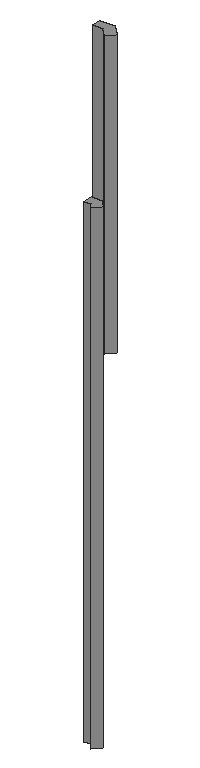
Revit family "STARC-REALWALL-CORNER-INSIDE", category Specialty Equipment, Revit 2014
Parameters (values of type "S1-FC")
  Wall Angle [instance] = 135.00°
  URL = "https://starcsystems.com/products/accessories/"
  Type Comments = "STARC SYSTEMS, INC REALWALL TEMPORARY CONTAINMENT SYSTEM CORNER"
  Model = "S1-FC"
  Manufacturer = "STARC SYSTEMS, INC."  # constant formula
  ICRA Class = "IV"  # constant formula
  Description = "STARC SYSTEMS, INC REALWALL TEMPORARY CONTAINMENT SYSTEM CORNER"  # constant formula
  Copyright = "Copyright 2020 STARC Systems, Inc."  # constant formula
  Ceiling Height = 9' - 0"
  Height = if(Ceiling Height > 10' 3", 10' 3", (if(Ceiling Height < 6' 10", 6' 10", Ceiling Height)))  # 9' - 0"
  Assembly Code = "F1030900"
  Angle [instance] = if(Wall Angle > 165.00°, 165.00°, (if(Wall Angle < 90.00°, 90.00°, Wall Angle)))  # 135.00°
  ASTM Standard = "E-84 CLASS A"  # constant formula
Reference planes (in)
  plane 1: z = 0
  plane 2 "Ceiling Height": z = 108
  plane 3 "Base Panel Top": z = 82
  plane 4: z = 59.73438
  plane 5: y = -0.15625
  plane 6: y = 1.4375
  plane 7: y = 1.625
  plane 8: y = 3.21875
  plane 9: x = -9.90044
Forms (in)
  Extrusion 1, solid, material "STARC-Frame"
    sketch origin (0, 0, 0) x (1, 0, 0) y (0, 1, 0)
      loop
        line (-11.65044, -0.15625) -> (-10.56059, -0.15625) -> (-9.78995, -0.92689) -> (-8.663, 0.20006) -> (-9.90044, 1.4375) -> (-11.65044, 1.4375) -> (-11.65044, -0.15625)
    from 0 to 82
  Extrusion 2, solid, material "STARC-Frame", detail levels medium+fine
    sketch origin (0, 1.78125, 0) x (1, 0, 0) y (0, 1, 0)
      loop
        line (-11.65044, -0.15625) -> (-9.82277, -0.15625) -> (-8.53042, -1.4486) -> (-7.40347, -0.32165) -> (-9.16262, 1.4375) -> (-11.65044, 1.4375) -> (-11.65044, -0.15625)
    from 59.73438 to 108
Lines and regions (in)
  symbolic lines, style "SpecialityEquipmentHiddenLines", detail levels coarse
    curve 1: line (-11.65044, 3.21875, 0) -> (-9.16262, 3.21875, 0)
    curve 2: line (-11.65044, 1.4375, 0) -> (-11.65044, 3.21875, 0)
    curve 3: line (-9.16262, 3.21875, 0) -> (-7.40347, 1.4596, 0)
    curve 4: line (-8.663, 0.20006, 0) -> (-7.40347, 1.4596, 0)
Dimensions and locks (in)
  "Height": plane 2 "Ceiling Height" to level
  locked: plane 3 "Base Panel Top" to level at 82
  locked: plane 2 "Ceiling Height" to plane 4 at 48.26563
  locked: Extrusion 1 sketch curve to Extrusion 1 sketch curve at 1.75  (x2)
  locked: Extrusion 1 sketch curve to Extrusion 1 sketch curve at 1.59375
  locked: plane 5 to Extrusion 1 sketch curve at 1.59375
  locked: Extrusion 2 sketch curve to plane 6 at 0.1875
  locked: Extrusion 2 sketch curve to Extrusion 1 at 0.1875
  locked: Extrusion 2 sketch curve to Extrusion 2 sketch curve at 1.59375
  locked: Extrusion 1 sketch curve to Extrusion 1 sketch curve (angle 90.00°)  (x4)
  "Angle": angle Extrusion 1 sketch curve to Extrusion 1 sketch curve
  "Angle": angle Extrusion 2 sketch curve to Extrusion 2 sketch curve
  locked: Extrusion 2 sketch curve to Extrusion 2 sketch curve (angle 90.00°)  (x4)
  aligned and locked: level to plane 1
  aligned and locked: Extrusion 1 sketch curve to plane 5
  aligned and locked: Extrusion 1 sketch curve to plane 6
  aligned and locked: Extrusion 1 to level
  aligned and locked: plane 3 "Base Panel Top" to Extrusion 1
  aligned and locked: Extrusion 1 to Extrusion 2 sketch curve
  aligned and locked: Extrusion 2 sketch curve to Extrusion 1
  aligned and locked: Extrusion 2 sketch curve to plane 8
  aligned and locked: plane 2 "Ceiling Height" to Extrusion 2
  aligned and locked: Extrusion 2 to plane 4
  aligned and locked: Extrusion 1 to curve 4
  aligned and locked: curve 4 to Extrusion 2
  aligned and locked: curve 3 to Extrusion 2
  aligned and locked: curve 1 to Extrusion 2
  aligned and locked: plane 6 to curve 2
  aligned and locked: curve 2 to Extrusion 2
Automatic sketch dimensions
  Extrusion 1 sketch curve to plane 9 = 0' - 0"
